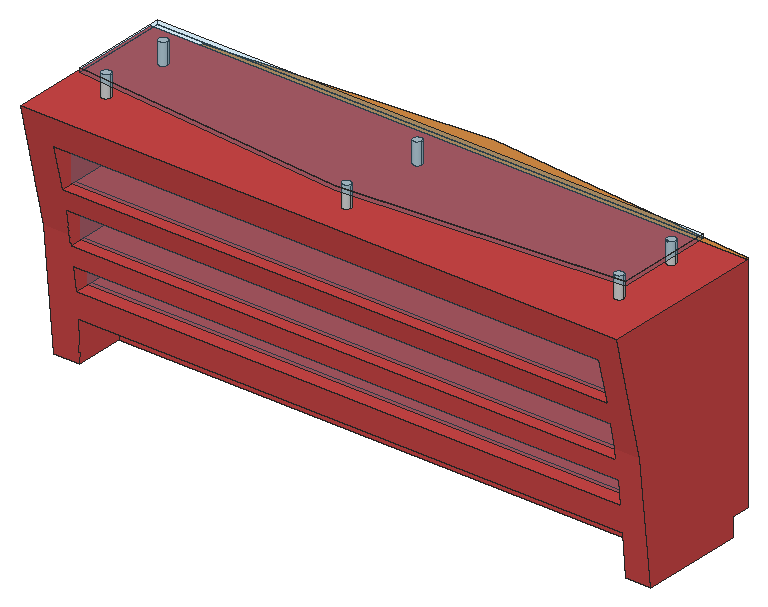
Revit family
Reference planes (in)
  plane 1 "Center Front/Back": y = 0
  plane 2: z = 0
  plane 3 "Center Left/Right": x = 0
  plane 4 "Top": z = 25.50654
  plane 5 "Counter": z = 31.5
  plane 6 "Counter 2": z = 29
  plane 7 "One": z = 8.03463
  plane 8 "Two": z = 13.39283
  plane 9 "Three": z = 20.00654
Forms (in)
  Extrusion 1, solid, material "Plastic"
    sketch origin (0, 0, 0) x (0, 1, 0) y (0, 0, 1)
      loop
        line (8.75, 2.25) -> (8.75, 29) -> (-11, 29)
        arc (-11, 29) -> (-7.52317, 14.66224) -> (-5.88652, 0) r 116.48522
        line (-5.88652, 0) -> (6.5, 0) -> (6.5, 2.25) -> (8.75, 2.25)
    from 0 to 72
  Extrusion 2, void
    sketch origin (0, 0, 0) x (1, 0, 0) y (0, 0, 1)
      loop
        line (3.1035, 0) -> (68.95111, 0) -> (68.95111, 5) -> (3.1035, 5) -> (3.1035, 0)
    from 0 to 12
  Extrusion 3, void
    sketch origin (0, 0, 0) x (1, 0, 0) y (0, 0, 1)
      loop
        line (3.1035, 8.03463) -> (68.95111, 8.03463) -> (68.95111, 11.03463) -> (3.1035, 11.03463) -> (3.1035, 8.03463)
    from 0 to 7.1398
  Extrusion 4, void
    sketch origin (0, 0, 0) x (1, 0, 0) y (0, 0, 1)
      loop
        line (3.1035, 17.59993) -> (3.1035, 13.39283) -> (68.95111, 13.39283) -> (68.95111, 17.59993) -> (3.1035, 17.59993)
    from 0 to 8.96038
  Extrusion 5, void
    sketch origin (0, 0, 0) x (1, 0, 0) y (0, 0, 1)
      loop
        line (3.1035, 25.50654) -> (3.1035, 20.00654) -> (68.95111, 20.00654) -> (68.95111, 25.50654) -> (3.1035, 25.50654)
    from 0 to 9.94069
  Extrusion 6, void
    sketch origin (0, 0, 0) x (1, 0, 0) y (0, 0, 1)
      loop
        line (64.95111, 23.0274) -> (7, 23.0274) -> (7, 14.26972) -> (64.95111, 14.26972) -> (64.95111, 23.0274)
    from -3.71342 to -8.75
  Extrusion 7, solid, material "Plastic 2"
    sketch origin (0, 0, 25.50654) x (1, 0, 0) y (0, 1, 0)
      loop
        line (3.1035, 8.75) -> (68.95111, 8.75) -> (68.95111, 12.62754)
        arc (68.95111, 12.62754) -> (36.0273, 15.32942) -> (3.1035, 12.62754) r 201.94794
        line (3.1035, 12.62754) -> (3.1035, 8.75)
    from 0 to 1
  Extrusion 8, solid, material "Plastic 2"
    sketch origin (0, 0, 0) x (0, 1, 0) y (0, 0, 1)
      loop
        line (11.93864, 25.50654) -> (8.75, 25.50654) -> (8.75, 4.3027) -> (9.99889, 4.3027) -> (11.93864, 25.50654)
    from 3.1035 to 4.1035
  Extrusion 9, solid, material "Plastic 2"
    sketch origin (137.90221, 0, 0) x (0, 1, 0) y (0, 0, -1)
      loop
        line (8.75, -25.50654) -> (11.93864, -25.50654) -> (9.99889, -4.3027) -> (8.75, -4.3027) -> (8.75, -25.50654)
    from 68.95111 to 69.95111
  Extrusion 10, solid, material "Glass 2"
    sketch origin (0, 0, 31.5) x (0, -1, 0) y (1, 0, 0)
      loop
        arc (5.88652, 3.1035) -> (8.59501, 36.0273) -> (5.88652, 68.95111) r 201.46113
        line (5.88652, 68.95111) -> (-5.87754, 68.95111) -> (-5.87754, 3.1035) -> (5.88652, 3.1035)
    from 0 to 0.5
  Extrusion 11, solid, material "Metal"
    sketch origin (0, 0, 29) x (0, 1, 0) y (-1, 0, 0)
      loop
        circle (3.86621, -5.36896) r 0.5
    from 0 to 2.5
  Extrusion 12, solid, material "Metal"
    sketch origin (-0.28792, -8.24497, 29) x (0, 1, 0) y (-1, 0, 0)
      loop
        circle (3.86621, -5.36896) r 0.5
    from 0 to 2.5
  Extrusion 13, solid, material "Metal"
    sketch origin (72.0546, 0, 29) x (0, 1, 0) y (-1, 0, 0)
      loop
        circle (3.86621, 5.36896) r 0.5
    from 0 to 2.5
  Extrusion 14, solid, material "Metal"
    sketch origin (72.34253, -8.24497, 29) x (0, 1, 0) y (-1, 0, 0)
      loop
        circle (3.86621, 5.36896) r 0.5
    from 0 to 2.5
  Extrusion 15, solid, material "Glass 2"
    sketch origin (0, 0, 8.03463) x (0, 1, 0) y (-1, 0, 0)
      loop
        line (-4.29751, -3.1035) -> (-4.79751, -3.1035) -> (-4.79751, -68.95111) -> (-4.29751, -68.95111) -> (-4.29751, -3.1035)
    from 0 to 3
  Extrusion 16, solid, material "Metal"
    sketch origin (30.65835, -10.67278, 29) x (0, 1, 0) y (-1, 0, 0)
      loop
        circle (3.86621, -5.36896) r 0.5
    from 0 to 2.5
  Extrusion 17, solid, material "Metal"
    sketch origin (30.67509, 0, 29) x (0, 1, 0) y (-1, 0, 0)
      loop
        circle (3.86621, -5.36896) r 0.5
    from 0 to 2.5
  Extrusion 18, solid, material "Glass 2"
    sketch origin (0, 0.5, 0) x (0, 1, 0) y (0, 0, 1)
      loop
        line (-5.94069, 13.39283) -> (-5.94069, 17.59993) -> (-6.44069, 17.59993) -> (-6.44069, 13.39283) -> (-5.94069, 13.39283)
    from 3.1035 to 68.95111
  Extrusion 19, solid, material "Glass 2"
    sketch origin (0, 0, 0) x (0, 1, 0) y (0, 0, 1)
      loop
        line (-6.69069, 20.00654) -> (-6.69069, 25.50654) -> (-7.19069, 25.50654) -> (-7.19069, 20.00654) -> (-6.69069, 20.00654)
    from 3.1035 to 68.95111
Cuts and joins
  Extrusion 2, Extrusion 3, Extrusion 4, Extrusion 5, Extrusion 6 cuts Extrusion 1
Dimensions and locks (in)
  aligned and locked: level to plane 2
